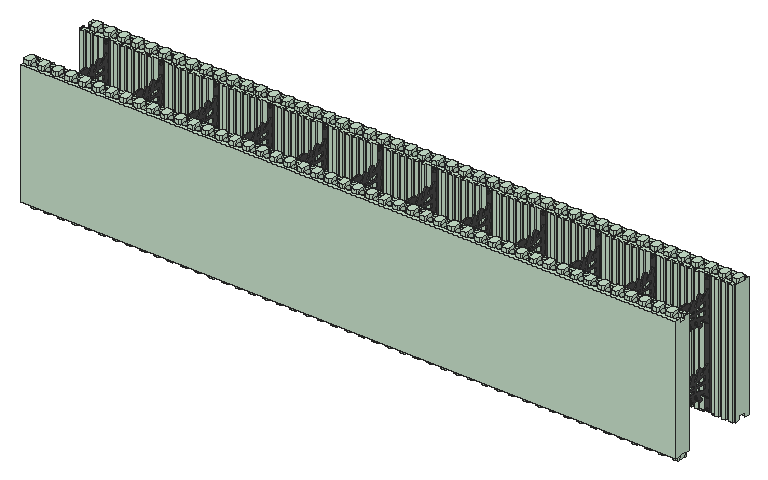
Revit family
Parameters (values of type "8"")
  Core Thickness = 0' - 8"
Reference planes (in)
  plane 1 "Center (Front/Back)": y = -1
  plane 2: z = 0
  plane 3 "Center (Left/Right)": x = 0
  plane 4: x = 96
  plane 5: y = 3
  plane 6: y = -5
  plane 7: y = 5.625
  plane 8: y = -7.625
  plane 9: z = 18
  plane 10: z = 18.5
  plane 11: z = -0.5
Forms (in)
  Extrusion 1, solid, material "NUDURA Expanded Polystyrene Foam Insulation"
    sketch origin (0, 0, 0) x (1, 0, 0) y (0, 1, 0)
      loop
        line (0.28117, 3.25) -> (0.21883, 3) -> (0.78117, 3) -> (0.71883, 3.25) -> (1.28117, 3.25) -> (1.21883, 3) -> (1.78117, 3) -> (1.71883, 3.25) -> (2.28117, 3.25) -> (2.21883, 3) -> (2.78117, 3) -> (2.71883, 3.25) -> (5.28117, 3.25) -> (5.21883, 3) -> (5.78117, 3) -> (5.71883, 3.25) -> (6.28117, 3.25) -> (6.21883, 3) -> (6.78117, 3) -> (6.71883, 3.25) -> (7.28117, 3.25) -> (7.21883, 3) -> (7.78117, 3) -> (7.71883, 3.25) -> (8.28117, 3.25) -> (8.21883, 3) -> (8.78117, 3) -> (8.71883, 3.25) -> (9.28117, 3.25) -> (9.21883, 3) -> (9.78117, 3) -> (9.71883, 3.25) -> (10.28117, 3.25) -> (10.21883, 3) -> (10.78117, 3) -> (10.71883, 3.25) -> (13.28117, 3.25) -> (13.21883, 3) -> (13.78117, 3) -> (13.71883, 3.25) -> (14.28117, 3.25) -> (14.21883, 3) -> (14.78117, 3) -> (14.71883, 3.25) -> (15.28117, 3.25) -> (15.21883, 3) -> (15.78117, 3) -> (15.71883, 3.25) -> (16.28117, 3.25) -> (16.21883, 3) -> (16.78117, 3) -> (16.71883, 3.25) -> (17.28117, 3.25) -> (17.21883, 3) -> (17.78117, 3) -> (17.71883, 3.25) -> (18.28117, 3.25) -> (18.21883, 3) -> (18.78117, 3) -> (18.71883, 3.25) -> (21.28117, 3.25) -> (21.21883, 3) -> (21.78117, 3) -> (21.71883, 3.25) -> (22.28117, 3.25) -> (22.21883, 3) -> (22.78117, 3) -> (22.71883, 3.25) -> (23.28117, 3.25) -> (23.21883, 3) -> (23.78117, 3) -> (23.71883, 3.25) -> (24.28117, 3.25) -> (24.21883, 3) -> (24.78117, 3) -> (24.71883, 3.25) -> (25.28117, 3.25) -> (25.21883, 3) -> (25.78117, 3) -> (25.71883, 3.25) -> (26.28117, 3.25) -> (26.21883, 3) -> (26.78117, 3) -> (26.71883, 3.25) -> (29.28117, 3.25) -> (29.21883, 3) -> (29.78117, 3) -> (29.71883, 3.25) -> (30.28117, 3.25) -> (30.21883, 3) -> (30.78117, 3) -> (30.71883, 3.25) -> (31.28117, 3.25) -> (31.21883, 3) -> (31.78117, 3) -> (31.71883, 3.25) -> (32.28117, 3.25) -> (32.21883, 3) -> (32.78117, 3) -> (32.71883, 3.25) -> (33.28117, 3.25) -> (33.21883, 3) -> (33.78117, 3) -> (33.71883, 3.25) -> (34.28117, 3.25) -> (34.21883, 3) -> (34.78117, 3) -> (34.71883, 3.25) -> (37.28117, 3.25) -> (37.21883, 3) -> (37.78117, 3) -> (37.71883, 3.25) -> (38.28117, 3.25) -> (38.21883, 3) -> (38.78117, 3) -> (38.71883, 3.25) -> (39.28117, 3.25) -> (39.21883, 3) -> (39.78117, 3) -> (39.71883, 3.25) -> (40.28117, 3.25) -> (40.21883, 3) -> (40.78117, 3) -> (40.71883, 3.25) -> (41.28117, 3.25) -> (41.21883, 3) -> (41.78117, 3) -> (41.71883, 3.25) -> (42.28117, 3.25) -> (42.21883, 3) -> (42.78117, 3) -> (42.71883, 3.25) -> (45.28117, 3.25) -> (45.21883, 3) -> (45.78117, 3) -> (45.71883, 3.25) -> (46.28117, 3.25) -> (46.21883, 3) -> (46.78117, 3) -> (46.71883, 3.25) -> (47.28117, 3.25) -> (47.21883, 3) -> (47.78117, 3) -> (47.71883, 3.25) -> (48.28117, 3.25) -> (48.21883, 3) -> (48.78117, 3) -> (48.71883, 3.25) -> (49.28117, 3.25) -> (49.21883, 3) -> (49.78117, 3) -> (49.71883, 3.25) -> (50.28117, 3.25) -> (50.21883, 3) -> (50.78117, 3) -> (50.71883, 3.25) -> (53.28117, 3.25) -> (53.21883, 3) -> (53.78117, 3) -> (53.71883, 3.25) -> (54.28117, 3.25) -> (54.21883, 3) -> (54.78117, 3) -> (54.71883, 3.25) -> (55.28117, 3.25) -> (55.21883, 3) -> (55.78117, 3) -> (55.71883, 3.25) -> (56.28117, 3.25) -> (56.21883, 3) -> (56.78117, 3) -> (56.71883, 3.25) -> (57.28117, 3.25) -> (57.21883, 3) -> (57.78117, 3) -> (57.71883, 3.25) -> (58.28117, 3.25) -> (58.21883, 3) -> (58.78117, 3) -> (58.71883, 3.25) -> (61.28117, 3.25) -> (61.21883, 3) -> (61.78117, 3) -> (61.71883, 3.25) -> (62.28117, 3.25) -> (62.21883, 3) -> (62.78117, 3) -> (62.71883, 3.25) -> (63.28117, 3.25) -> (63.21883, 3) -> (63.78117, 3) -> (63.71883, 3.25) -> (64.28117, 3.25) -> (64.21883, 3) -> (64.78117, 3) -> (64.71883, 3.25) -> (65.28117, 3.25) -> (65.21883, 3) -> (65.78117, 3) -> (65.71883, 3.25) -> (66.28117, 3.25) -> (66.21883, 3) -> (66.78117, 3) -> (66.71883, 3.25) -> (69.28117, 3.25) -> (69.21883, 3) -> (69.78117, 3) -> (69.71883, 3.25) -> (70.28117, 3.25) -> (70.21883, 3) -> (70.78117, 3) -> (70.71883, 3.25) -> (71.28117, 3.25) -> (71.21883, 3) -> (71.78117, 3) -> (71.71883, 3.25) -> (72.28117, 3.25) -> (72.21883, 3) -> (72.78117, 3) -> (72.71883, 3.25) -> (73.28117, 3.25) -> (73.21883, 3) -> (73.78117, 3) -> (73.71883, 3.25) -> (74.28117, 3.25) -> (74.21883, 3) -> (74.78117, 3) -> (74.71883, 3.25) -> (77.28117, 3.25) -> (77.21883, 3) -> (77.78117, 3) -> (77.71883, 3.25) -> (78.28117, 3.25) -> (78.21883, 3) -> (78.78117, 3) -> (78.71883, 3.25) -> (79.28117, 3.25) -> (79.21883, 3) -> (79.78117, 3) -> (79.71883, 3.25) -> (80.28117, 3.25) -> (80.21883, 3) -> (80.78117, 3) -> (80.71883, 3.25) -> (81.28117, 3.25) -> (81.21883, 3) -> (81.78117, 3) -> (81.71883, 3.25) -> (82.28117, 3.25) -> (82.21883, 3) -> (82.78117, 3) -> (82.71883, 3.25) -> (85.28117, 3.25) -> (85.21883, 3) -> (85.78117, 3) -> (85.71883, 3.25) -> (86.28117, 3.25) -> (86.21883, 3) -> (86.78117, 3) -> (86.71883, 3.25) -> (87.28117, 3.25) -> (87.21883, 3) -> (87.78117, 3) -> (87.71883, 3.25) -> (88.28117, 3.25) -> (88.21883, 3) -> (88.78117, 3) -> (88.71883, 3.25) -> (89.28117, 3.25) -> (89.21883, 3) -> (89.78117, 3) -> (89.71883, 3.25) -> (90.28117, 3.25) -> (90.21883, 3) -> (90.78117, 3) -> (90.71883, 3.25) -> (93.28117, 3.25) -> (93.21883, 3) -> (93.78117, 3) -> (93.71883, 3.25) -> (94.28117, 3.25) -> (94.21883, 3) -> (94.78117, 3) -> (94.71883, 3.25) -> (95.28117, 3.25) -> (95.21883, 3) -> (95.78117, 3) -> (95.71883, 3.25) -> (96, 3.25) -> (96, 5.625) -> (0, 5.625) -> (0, 3.25) -> (0.28117, 3.25)
      loop
        line (0.28117, -5.25) -> (0, -5.25) -> (0, -7.625) -> (96, -7.625) -> (96, -5.25) -> (95.71883, -5.25) -> (95.78117, -5) -> (95.21883, -5) -> (95.28117, -5.25) -> (94.71883, -5.25) -> (94.78117, -5) -> (94.21883, -5) -> (94.28117, -5.25) -> (93.71883, -5.25) -> (93.78117, -5) -> (93.21883, -5) -> (93.28117, -5.25) -> (90.71883, -5.25) -> (90.78117, -5) -> (90.21883, -5) -> (90.28117, -5.25) -> (89.71883, -5.25) -> (89.78117, -5) -> (89.21883, -5) -> (89.28117, -5.25) -> (88.71883, -5.25) -> (88.78117, -5) -> (88.21883, -5) -> (88.28117, -5.25) -> (87.71883, -5.25) -> (87.78117, -5) -> (87.21883, -5) -> (87.28117, -5.25) -> (86.71883, -5.25) -> (86.78117, -5) -> (86.21883, -5) -> (86.28117, -5.25) -> (85.71883, -5.25) -> (85.78117, -5) -> (85.21883, -5) -> (85.28117, -5.25) -> (82.71883, -5.25) -> (82.78117, -5) -> (82.21883, -5) -> (82.28117, -5.25) -> (81.71883, -5.25) -> (81.78117, -5) -> (81.21883, -5) -> (81.28117, -5.25) -> (80.71883, -5.25) -> (80.78117, -5) -> (80.21883, -5) -> (80.28117, -5.25) -> (79.71883, -5.25) -> (79.78117, -5) -> (79.21883, -5) -> (79.28117, -5.25) -> (78.71883, -5.25) -> (78.78117, -5) -> (78.21883, -5) -> (78.28117, -5.25) -> (77.71883, -5.25) -> (77.78117, -5) -> (77.21883, -5) -> (77.28117, -5.25) -> (74.71883, -5.25) -> (74.78117, -5) -> (74.21883, -5) -> (74.28117, -5.25) -> (73.71883, -5.25) -> (73.78117, -5) -> (73.21883, -5) -> (73.28117, -5.25) -> (72.71883, -5.25) -> (72.78117, -5) -> (72.21883, -5) -> (72.28117, -5.25) -> (71.71883, -5.25) -> (71.78117, -5) -> (71.21883, -5) -> (71.28117, -5.25) -> (70.71883, -5.25) -> (70.78117, -5) -> (70.21883, -5) -> (70.28117, -5.25) -> (69.71883, -5.25) -> (69.78117, -5) -> (69.21883, -5) -> (69.28117, -5.25) -> (66.71883, -5.25) -> (66.78117, -5) -> (66.21883, -5) -> (66.28117, -5.25) -> (65.71883, -5.25) -> (65.78117, -5) -> (65.21883, -5) -> (65.28117, -5.25) -> (64.71883, -5.25) -> (64.78117, -5) -> (64.21883, -5) -> (64.28117, -5.25) -> (63.71883, -5.25) -> (63.78117, -5) -> (63.21883, -5) -> (63.28117, -5.25) -> (62.71883, -5.25) -> (62.78117, -5) -> (62.21883, -5) -> (62.28117, -5.25) -> (61.71883, -5.25) -> (61.78117, -5) -> (61.21883, -5) -> (61.28117, -5.25) -> (58.71883, -5.25) -> (58.78117, -5) -> (58.21883, -5) -> (58.28117, -5.25) -> (57.71883, -5.25) -> (57.78117, -5) -> (57.21883, -5) -> (57.28117, -5.25) -> (56.71883, -5.25) -> (56.78117, -5) -> (56.21883, -5) -> (56.28117, -5.25) -> (55.71883, -5.25) -> (55.78117, -5) -> (55.21883, -5) -> (55.28117, -5.25) -> (54.71883, -5.25) -> (54.78117, -5) -> (54.21883, -5) -> (54.28117, -5.25) -> (53.71883, -5.25) -> (53.78117, -5) -> (53.21883, -5) -> (53.28117, -5.25) -> (50.71883, -5.25) -> (50.78117, -5) -> (50.21883, -5) -> (50.28117, -5.25) -> (49.71883, -5.25) -> (49.78117, -5) -> (49.21883, -5) -> (49.28117, -5.25) -> (48.71883, -5.25) -> (48.78117, -5) -> (48.21883, -5) -> (48.28117, -5.25) -> (47.71883, -5.25) -> (47.78117, -5) -> (47.21883, -5) -> (47.28117, -5.25) -> (46.71883, -5.25) -> (46.78117, -5) -> (46.21883, -5) -> (46.28117, -5.25) -> (45.71883, -5.25) -> (45.78117, -5) -> (45.21883, -5) -> (45.28117, -5.25) -> (42.71883, -5.25) -> (42.78117, -5) -> (42.21883, -5) -> (42.28117, -5.25) -> (41.71883, -5.25) -> (41.78117, -5) -> (41.21883, -5) -> (41.28117, -5.25) -> (40.71883, -5.25) -> (40.78117, -5) -> (40.21883, -5) -> (40.28117, -5.25) -> (39.71883, -5.25) -> (39.78117, -5) -> (39.21883, -5) -> (39.28117, -5.25) -> (38.71883, -5.25) -> (38.78117, -5) -> (38.21883, -5) -> (38.28117, -5.25) -> (37.71883, -5.25) -> (37.78117, -5) -> (37.21883, -5) -> (37.28117, -5.25) -> (34.71883, -5.25) -> (34.78117, -5) -> (34.21883, -5) -> (34.28117, -5.25) -> (33.71883, -5.25) -> (33.78117, -5) -> (33.21883, -5) -> (33.28117, -5.25) -> (32.71883, -5.25) -> (32.78117, -5) -> (32.21883, -5) -> (32.28117, -5.25) -> (31.71883, -5.25) -> (31.78117, -5) -> (31.21883, -5) -> (31.28117, -5.25) -> (30.71883, -5.25) -> (30.78117, -5) -> (30.21883, -5) -> (30.28117, -5.25) -> (29.71883, -5.25) -> (29.78117, -5) -> (29.21883, -5) -> (29.28117, -5.25) -> (26.71883, -5.25) -> (26.78117, -5) -> (26.21883, -5) -> (26.28117, -5.25) -> (25.71883, -5.25) -> (25.78117, -5) -> (25.21883, -5) -> (25.28117, -5.25) -> (24.71883, -5.25) -> (24.78117, -5) -> (24.21883, -5) -> (24.28117, -5.25) -> (23.71883, -5.25) -> (23.78117, -5) -> (23.21883, -5) -> (23.28117, -5.25) -> (22.71883, -5.25) -> (22.78117, -5) -> (22.21883, -5) -> (22.28117, -5.25) -> (21.71883, -5.25) -> (21.78117, -5) -> (21.21883, -5) -> (21.28117, -5.25) -> (18.71883, -5.25) -> (18.78117, -5) -> (18.21883, -5) -> (18.28117, -5.25) -> (17.71883, -5.25) -> (17.78117, -5) -> (17.21883, -5) -> (17.28117, -5.25) -> (16.71883, -5.25) -> (16.78117, -5) -> (16.21883, -5) -> (16.28117, -5.25) -> (15.71883, -5.25) -> (15.78117, -5) -> (15.21883, -5) -> (15.28117, -5.25) -> (14.71883, -5.25) -> (14.78117, -5) -> (14.21883, -5) -> (14.28117, -5.25) -> (13.71883, -5.25) -> (13.78117, -5) -> (13.21883, -5) -> (13.28117, -5.25) -> (10.71883, -5.25) -> (10.78117, -5) -> (10.21883, -5) -> (10.28117, -5.25) -> (9.71883, -5.25) -> (9.78117, -5) -> (9.21883, -5) -> (9.28117, -5.25) -> (8.71883, -5.25) -> (8.78117, -5) -> (8.21883, -5) -> (8.28117, -5.25) -> (7.71883, -5.25) -> (7.78117, -5) -> (7.21883, -5) -> (7.28117, -5.25) -> (6.71883, -5.25) -> (6.78117, -5) -> (6.21883, -5) -> (6.28117, -5.25) -> (5.71883, -5.25) -> (5.78117, -5) -> (5.21883, -5) -> (5.28117, -5.25) -> (2.71883, -5.25) -> (2.78117, -5) -> (2.21883, -5) -> (2.28117, -5.25) -> (1.71883, -5.25) -> (1.78117, -5) -> (1.21883, -5) -> (1.28117, -5.25) -> (0.71883, -5.25) -> (0.78117, -5) -> (0.21883, -5) -> (0.28117, -5.25)
    from 0 to 18
  Extrusion 2, void
    sketch origin (0, 0, 0) x (1, 0, 0) y (0, 1, 0)
      loop
        arc (1, -6.89808) -> (1.04785, -7.04517) -> (1.17308, -7.13595) r 0.25
        arc (1.17308, -7.13595) -> (1.5, -7.1875) -> (1.82692, -7.13595) r 1.0625
        arc (1.82692, -7.13595) -> (1.95215, -7.04517) -> (2, -6.89808) r 0.25
        line (2, -6.89808) -> (2, -5.97692)
        arc (2, -5.97692) -> (1.98276, -5.88568) -> (1.9334, -5.80702) r 0.25
        arc (1.9334, -5.80702) -> (1.92106, -5.78736) -> (1.91675, -5.76455) r 0.0625
        line (1.91675, -5.76455) -> (1.91675, -5.41845) -> (1.74592, -5.41845) -> (1.74592, -5.64005)
        arc (1.74592, -5.64005) -> (1.72385, -5.68771) -> (1.67323, -5.70172) r 0.0625
        arc (1.67323, -5.70172) -> (1.42092, -5.69045) -> (1.17308, -5.73905) r 1.0625
        arc (1.17308, -5.73905) -> (1.04785, -5.82983) -> (1, -5.97692) r 0.25
        line (1, -5.97692) -> (1, -6.89808)
    from 18 to 17.5
  Extrusion 3, void
    sketch origin (2, 0, 0) x (1, 0, 0) y (0, 1, 0)
      loop
        arc (1, -6.89808) -> (1.04785, -7.04517) -> (1.17308, -7.13595) r 0.25
        arc (1.17308, -7.13595) -> (1.5, -7.1875) -> (1.82692, -7.13595) r 1.0625
        arc (1.82692, -7.13595) -> (1.95215, -7.04517) -> (2, -6.89808) r 0.25
        line (2, -6.89808) -> (2, -5.97692)
        arc (2, -5.97692) -> (1.98276, -5.88568) -> (1.9334, -5.80702) r 0.25
        arc (1.9334, -5.80702) -> (1.92106, -5.78736) -> (1.91675, -5.76455) r 0.0625
        line (1.91675, -5.76455) -> (1.91675, -5.41845) -> (1.74592, -5.41845) -> (1.74592, -5.64005)
        arc (1.74592, -5.64005) -> (1.72385, -5.68771) -> (1.67323, -5.70172) r 0.0625
        arc (1.67323, -5.70172) -> (1.42092, -5.69045) -> (1.17308, -5.73905) r 1.0625
        arc (1.17308, -5.73905) -> (1.04785, -5.82983) -> (1, -5.97692) r 0.25
        line (1, -5.97692) -> (1, -6.89808)
    from 18 to 17.5
  Extrusion 4, void
    sketch origin (4, 0, 0) x (1, 0, 0) y (0, 1, 0)
      loop
        arc (1, -6.89808) -> (1.04785, -7.04517) -> (1.17308, -7.13595) r 0.25
        arc (1.17308, -7.13595) -> (1.5, -7.1875) -> (1.82692, -7.13595) r 1.0625
        arc (1.82692, -7.13595) -> (1.95215, -7.04517) -> (2, -6.89808) r 0.25
        line (2, -6.89808) -> (2, -5.97692)
        arc (2, -5.97692) -> (1.98276, -5.88568) -> (1.9334, -5.80702) r 0.25
        arc (1.9334, -5.80702) -> (1.92106, -5.78736) -> (1.91675, -5.76455) r 0.0625
        line (1.91675, -5.76455) -> (1.91675, -5.41845) -> (1.74592, -5.41845) -> (1.74592, -5.64005)
        arc (1.74592, -5.64005) -> (1.72385, -5.68771) -> (1.67323, -5.70172) r 0.0625
        arc (1.67323, -5.70172) -> (1.42092, -5.69045) -> (1.17308, -5.73905) r 1.0625
        arc (1.17308, -5.73905) -> (1.04785, -5.82983) -> (1, -5.97692) r 0.25
        line (1, -5.97692) -> (1, -6.89808)
    from 18 to 17.5
  Extrusion 5, void
    sketch origin (6, 0, 0) x (1, 0, 0) y (0, 1, 0)
      loop
        arc (1, -6.89808) -> (1.04785, -7.04517) -> (1.17308, -7.13595) r 0.25
        arc (1.17308, -7.13595) -> (1.5, -7.1875) -> (1.82692, -7.13595) r 1.0625
        arc (1.82692, -7.13595) -> (1.95215, -7.04517) -> (2, -6.89808) r 0.25
        line (2, -6.89808) -> (2, -5.97692)
        arc (2, -5.97692) -> (1.98276, -5.88568) -> (1.9334, -5.80702) r 0.25
        arc (1.9334, -5.80702) -> (1.92106, -5.78736) -> (1.91675, -5.76455) r 0.0625
        line (1.91675, -5.76455) -> (1.91675, -5.41845) -> (1.74592, -5.41845) -> (1.74592, -5.64005)
        arc (1.74592, -5.64005) -> (1.72385, -5.68771) -> (1.67323, -5.70172) r 0.0625
        arc (1.67323, -5.70172) -> (1.42092, -5.69045) -> (1.17308, -5.73905) r 1.0625
        arc (1.17308, -5.73905) -> (1.04785, -5.82983) -> (1, -5.97692) r 0.25
        line (1, -5.97692) -> (1, -6.89808)
    from 18 to 17.5
  Extrusion 6, void
    sketch origin (8, 0, 0) x (1, 0, 0) y (0, 1, 0)
      loop
        arc (1, -6.89808) -> (1.04785, -7.04517) -> (1.17308, -7.13595) r 0.25
        arc (1.17308, -7.13595) -> (1.5, -7.1875) -> (1.82692, -7.13595) r 1.0625
        arc (1.82692, -7.13595) -> (1.95215, -7.04517) -> (2, -6.89808) r 0.25
        line (2, -6.89808) -> (2, -5.97692)
        arc (2, -5.97692) -> (1.98276, -5.88568) -> (1.9334, -5.80702) r 0.25
        arc (1.9334, -5.80702) -> (1.92106, -5.78736) -> (1.91675, -5.76455) r 0.0625
        line (1.91675, -5.76455) -> (1.91675, -5.41845) -> (1.74592, -5.41845) -> (1.74592, -5.64005)
        arc (1.74592, -5.64005) -> (1.72385, -5.68771) -> (1.67323, -5.70172) r 0.0625
        arc (1.67323, -5.70172) -> (1.42092, -5.69045) -> (1.17308, -5.73905) r 1.0625
        arc (1.17308, -5.73905) -> (1.04785, -5.82983) -> (1, -5.97692) r 0.25
        line (1, -5.97692) -> (1, -6.89808)
    from 18 to 17.5
  Extrusion 7, void
    sketch origin (10, 0, 0) x (1, 0, 0) y (0, 1, 0)
      loop
        arc (1, -6.89808) -> (1.04785, -7.04517) -> (1.17308, -7.13595) r 0.25
        arc (1.17308, -7.13595) -> (1.5, -7.1875) -> (1.82692, -7.13595) r 1.0625
        arc (1.82692, -7.13595) -> (1.95215, -7.04517) -> (2, -6.89808) r 0.25
        line (2, -6.89808) -> (2, -5.97692)
        arc (2, -5.97692) -> (1.98276, -5.88568) -> (1.9334, -5.80702) r 0.25
        arc (1.9334, -5.80702) -> (1.92106, -5.78736) -> (1.91675, -5.76455) r 0.0625
        line (1.91675, -5.76455) -> (1.91675, -5.41845) -> (1.74592, -5.41845) -> (1.74592, -5.64005)
        arc (1.74592, -5.64005) -> (1.72385, -5.68771) -> (1.67323, -5.70172) r 0.0625
        arc (1.67323, -5.70172) -> (1.42092, -5.69045) -> (1.17308, -5.73905) r 1.0625
        arc (1.17308, -5.73905) -> (1.04785, -5.82983) -> (1, -5.97692) r 0.25
        line (1, -5.97692) -> (1, -6.89808)
    from 18 to 17.5
  Extrusion 8, void
    sketch origin (12, 0, 0) x (1, 0, 0) y (0, 1, 0)
      loop
        arc (1, -6.89808) -> (1.04785, -7.04517) -> (1.17308, -7.13595) r 0.25
        arc (1.17308, -7.13595) -> (1.5, -7.1875) -> (1.82692, -7.13595) r 1.0625
        arc (1.82692, -7.13595) -> (1.95215, -7.04517) -> (2, -6.89808) r 0.25
        line (2, -6.89808) -> (2, -5.97692)
        arc (2, -5.97692) -> (1.98276, -5.88568) -> (1.9334, -5.80702) r 0.25
        arc (1.9334, -5.80702) -> (1.92106, -5.78736) -> (1.91675, -5.76455) r 0.0625
        line (1.91675, -5.76455) -> (1.91675, -5.41845) -> (1.74592, -5.41845) -> (1.74592, -5.64005)
        arc (1.74592, -5.64005) -> (1.72385, -5.68771) -> (1.67323, -5.70172) r 0.0625
        arc (1.67323, -5.70172) -> (1.42092, -5.69045) -> (1.17308, -5.73905) r 1.0625
        arc (1.17308, -5.73905) -> (1.04785, -5.82983) -> (1, -5.97692) r 0.25
        line (1, -5.97692) -> (1, -6.89808)
    from 18 to 17.5
  Extrusion 9, void
    sketch origin (14, 0, 0) x (1, 0, 0) y (0, 1, 0)
      loop
        arc (1, -6.89808) -> (1.04785, -7.04517) -> (1.17308, -7.13595) r 0.25
        arc (1.17308, -7.13595) -> (1.5, -7.1875) -> (1.82692, -7.13595) r 1.0625
        arc (1.82692, -7.13595) -> (1.95215, -7.04517) -> (2, -6.89808) r 0.25
        line (2, -6.89808) -> (2, -5.97692)
        arc (2, -5.97692) -> (1.98276, -5.88568) -> (1.9334, -5.80702) r 0.25
        arc (1.9334, -5.80702) -> (1.92106, -5.78736) -> (1.91675, -5.76455) r 0.0625
        line (1.91675, -5.76455) -> (1.91675, -5.41845) -> (1.74592, -5.41845) -> (1.74592, -5.64005)
        arc (1.74592, -5.64005) -> (1.72385, -5.68771) -> (1.67323, -5.70172) r 0.0625
        arc (1.67323, -5.70172) -> (1.42092, -5.69045) -> (1.17308, -5.73905) r 1.0625
        arc (1.17308, -5.73905) -> (1.04785, -5.82983) -> (1, -5.97692) r 0.25
        line (1, -5.97692) -> (1, -6.89808)
    from 18 to 17.5
  Extrusion 10, void
    sketch origin (16, 0, 0) x (1, 0, 0) y (0, 1, 0)
      loop
        arc (1, -6.89808) -> (1.04785, -7.04517) -> (1.17308, -7.13595) r 0.25
        arc (1.17308, -7.13595) -> (1.5, -7.1875) -> (1.82692, -7.13595) r 1.0625
        arc (1.82692, -7.13595) -> (1.95215, -7.04517) -> (2, -6.89808) r 0.25
        line (2, -6.89808) -> (2, -5.97692)
        arc (2, -5.97692) -> (1.98276, -5.88568) -> (1.9334, -5.80702) r 0.25
        arc (1.9334, -5.80702) -> (1.92106, -5.78736) -> (1.91675, -5.76455) r 0.0625
        line (1.91675, -5.76455) -> (1.91675, -5.41845) -> (1.74592, -5.41845) -> (1.74592, -5.64005)
        arc (1.74592, -5.64005) -> (1.72385, -5.68771) -> (1.67323, -5.70172) r 0.0625
        arc (1.67323, -5.70172) -> (1.42092, -5.69045) -> (1.17308, -5.73905) r 1.0625
        arc (1.17308, -5.73905) -> (1.04785, -5.82983) -> (1, -5.97692) r 0.25
        line (1, -5.97692) -> (1, -6.89808)
    from 18 to 17.5
  Extrusion 11, void
    sketch origin (18, 0, 0) x (1, 0, 0) y (0, 1, 0)
      loop
        arc (1, -6.89808) -> (1.04785, -7.04517) -> (1.17308, -7.13595) r 0.25
        arc (1.17308, -7.13595) -> (1.5, -7.1875) -> (1.82692, -7.13595) r 1.0625
        arc (1.82692, -7.13595) -> (1.95215, -7.04517) -> (2, -6.89808) r 0.25
        line (2, -6.89808) -> (2, -5.97692)
        arc (2, -5.97692) -> (1.98276, -5.88568) -> (1.9334, -5.80702) r 0.25
        arc (1.9334, -5.80702) -> (1.92106, -5.78736) -> (1.91675, -5.76455) r 0.0625
        line (1.91675, -5.76455) -> (1.91675, -5.41845) -> (1.74592, -5.41845) -> (1.74592, -5.64005)
        arc (1.74592, -5.64005) -> (1.72385, -5.68771) -> (1.67323, -5.70172) r 0.0625
        arc (1.67323, -5.70172) -> (1.42092, -5.69045) -> (1.17308, -5.73905) r 1.0625
        arc (1.17308, -5.73905) -> (1.04785, -5.82983) -> (1, -5.97692) r 0.25
        line (1, -5.97692) -> (1, -6.89808)
    from 18 to 17.5
  Extrusion 12, void
    sketch origin (20, 0, 0) x (1, 0, 0) y (0, 1, 0)
      loop
        arc (1, -6.89808) -> (1.04785, -7.04517) -> (1.17308, -7.13595) r 0.25
        arc (1.17308, -7.13595) -> (1.5, -7.1875) -> (1.82692, -7.13595) r 1.0625
        arc (1.82692, -7.13595) -> (1.95215, -7.04517) -> (2, -6.89808) r 0.25
        line (2, -6.89808) -> (2, -5.97692)
        arc (2, -5.97692) -> (1.98276, -5.88568) -> (1.9334, -5.80702) r 0.25
        arc (1.9334, -5.80702) -> (1.92106, -5.78736) -> (1.91675, -5.76455) r 0.0625
        line (1.91675, -5.76455) -> (1.91675, -5.41845) -> (1.74592, -5.41845) -> (1.74592, -5.64005)
        arc (1.74592, -5.64005) -> (1.72385, -5.68771) -> (1.67323, -5.70172) r 0.0625
        arc (1.67323, -5.70172) -> (1.42092, -5.69045) -> (1.17308, -5.73905) r 1.0625
        arc (1.17308, -5.73905) -> (1.04785, -5.82983) -> (1, -5.97692) r 0.25
        line (1, -5.97692) -> (1, -6.89808)
    from 18 to 17.5
  Extrusion 13, void
    sketch origin (22, 0, 0) x (1, 0, 0) y (0, 1, 0)
      loop
        arc (1, -6.89808) -> (1.04785, -7.04517) -> (1.17308, -7.13595) r 0.25
        arc (1.17308, -7.13595) -> (1.5, -7.1875) -> (1.82692, -7.13595) r 1.0625
        arc (1.82692, -7.13595) -> (1.95215, -7.04517) -> (2, -6.89808) r 0.25
        line (2, -6.89808) -> (2, -5.97692)
        arc (2, -5.97692) -> (1.98276, -5.88568) -> (1.9334, -5.80702) r 0.25
        arc (1.9334, -5.80702) -> (1.92106, -5.78736) -> (1.91675, -5.76455) r 0.0625
        line (1.91675, -5.76455) -> (1.91675, -5.41845) -> (1.74592, -5.41845) -> (1.74592, -5.64005)
        arc (1.74592, -5.64005) -> (1.72385, -5.68771) -> (1.67323, -5.70172) r 0.0625
        arc (1.67323, -5.70172) -> (1.42092, -5.69045) -> (1.17308, -5.73905) r 1.0625
        arc (1.17308, -5.73905) -> (1.04785, -5.82983) -> (1, -5.97692) r 0.25
        line (1, -5.97692) -> (1, -6.89808)
    from 18 to 17.5
  Extrusion 14, void
    sketch origin (24, 0, 0) x (1, 0, 0) y (0, 1, 0)
      loop
        arc (1, -6.89808) -> (1.04785, -7.04517) -> (1.17308, -7.13595) r 0.25
        arc (1.17308, -7.13595) -> (1.5, -7.1875) -> (1.82692, -7.13595) r 1.0625
        arc (1.82692, -7.13595) -> (1.95215, -7.04517) -> (2, -6.89808) r 0.25
        line (2, -6.89808) -> (2, -5.97692)
        arc (2, -5.97692) -> (1.98276, -5.88568) -> (1.9334, -5.80702) r 0.25
        arc (1.9334, -5.80702) -> (1.92106, -5.78736) -> (1.91675, -5.76455) r 0.0625
        line (1.91675, -5.76455) -> (1.91675, -5.41845) -> (1.74592, -5.41845) -> (1.74592, -5.64005)
        arc (1.74592, -5.64005) -> (1.72385, -5.68771) -> (1.67323, -5.70172) r 0.0625
        arc (1.67323, -5.70172) -> (1.42092, -5.69045) -> (1.17308, -5.73905) r 1.0625
        arc (1.17308, -5.73905) -> (1.04785, -5.82983) -> (1, -5.97692) r 0.25
        line (1, -5.97692) -> (1, -6.89808)
    from 18 to 17.5
  Extrusion 15, void
    sketch origin (26, 0, 0) x (1, 0, 0) y (0, 1, 0)
      loop
        arc (1, -6.89808) -> (1.04785, -7.04517) -> (1.17308, -7.13595) r 0.25
        arc (1.17308, -7.13595) -> (1.5, -7.1875) -> (1.82692, -7.13595) r 1.0625
        arc (1.82692, -7.13595) -> (1.95215, -7.04517) -> (2, -6.89808) r 0.25
        line (2, -6.89808) -> (2, -5.97692)
        arc (2, -5.97692) -> (1.98276, -5.88568) -> (1.9334, -5.80702) r 0.25
        arc (1.9334, -5.80702) -> (1.92106, -5.78736) -> (1.91675, -5.76455) r 0.0625
        line (1.91675, -5.76455) -> (1.91675, -5.41845) -> (1.74592, -5.41845) -> (1.74592, -5.64005)
        arc (1.74592, -5.64005) -> (1.72385, -5.68771) -> (1.67323, -5.70172) r 0.0625
        arc (1.67323, -5.70172) -> (1.42092, -5.69045) -> (1.17308, -5.73905) r 1.0625
        arc (1.17308, -5.73905) -> (1.04785, -5.82983) -> (1, -5.97692) r 0.25
        line (1, -5.97692) -> (1, -6.89808)
    from 18 to 17.5
  Extrusion 16, void
    sketch origin (28, 0, 0) x (1, 0, 0) y (0, 1, 0)
      loop
        arc (1, -6.89808) -> (1.04785, -7.04517) -> (1.17308, -7.13595) r 0.25
        arc (1.17308, -7.13595) -> (1.5, -7.1875) -> (1.82692, -7.13595) r 1.0625
        arc (1.82692, -7.13595) -> (1.95215, -7.04517) -> (2, -6.89808) r 0.25
        line (2, -6.89808) -> (2, -5.97692)
        arc (2, -5.97692) -> (1.98276, -5.88568) -> (1.9334, -5.80702) r 0.25
        arc (1.9334, -5.80702) -> (1.92106, -5.78736) -> (1.91675, -5.76455) r 0.0625
        line (1.91675, -5.76455) -> (1.91675, -5.41845) -> (1.74592, -5.41845) -> (1.74592, -5.64005)
        arc (1.74592, -5.64005) -> (1.72385, -5.68771) -> (1.67323, -5.70172) r 0.0625
        arc (1.67323, -5.70172) -> (1.42092, -5.69045) -> (1.17308, -5.73905) r 1.0625
        arc (1.17308, -5.73905) -> (1.04785, -5.82983) -> (1, -5.97692) r 0.25
        line (1, -5.97692) -> (1, -6.89808)
    from 18 to 17.5
  Extrusion 17, void
    sketch origin (30, 0, 0) x (1, 0, 0) y (0, 1, 0)
      loop
        arc (1, -6.89808) -> (1.04785, -7.04517) -> (1.17308, -7.13595) r 0.25
        arc (1.17308, -7.13595) -> (1.5, -7.1875) -> (1.82692, -7.13595) r 1.0625
        arc (1.82692, -7.13595) -> (1.95215, -7.04517) -> (2, -6.89808) r 0.25
        line (2, -6.89808) -> (2, -5.97692)
        arc (2, -5.97692) -> (1.98276, -5.88568) -> (1.9334, -5.80702) r 0.25
        arc (1.9334, -5.80702) -> (1.92106, -5.78736) -> (1.91675, -5.76455) r 0.0625
        line (1.91675, -5.76455) -> (1.91675, -5.41845) -> (1.74592, -5.41845) -> (1.74592, -5.64005)
        arc (1.74592, -5.64005) -> (1.72385, -5.68771) -> (1.67323, -5.70172) r 0.0625
        arc (1.67323, -5.70172) -> (1.42092, -5.69045) -> (1.17308, -5.73905) r 1.0625
        arc (1.17308, -5.73905) -> (1.04785, -5.82983) -> (1, -5.97692) r 0.25
        line (1, -5.97692) -> (1, -6.89808)
    from 18 to 17.5
  Extrusion 18, void
    sketch origin (32, 0, 0) x (1, 0, 0) y (0, 1, 0)
      loop
        arc (1, -6.89808) -> (1.04785, -7.04517) -> (1.17308, -7.13595) r 0.25
        arc (1.17308, -7.13595) -> (1.5, -7.1875) -> (1.82692, -7.13595) r 1.0625
        arc (1.82692, -7.13595) -> (1.95215, -7.04517) -> (2, -6.89808) r 0.25
        line (2, -6.89808) -> (2, -5.97692)
        arc (2, -5.97692) -> (1.98276, -5.88568) -> (1.9334, -5.80702) r 0.25
        arc (1.9334, -5.80702) -> (1.92106, -5.78736) -> (1.91675, -5.76455) r 0.0625
        line (1.91675, -5.76455) -> (1.91675, -5.41845) -> (1.74592, -5.41845) -> (1.74592, -5.64005)
        arc (1.74592, -5.64005) -> (1.72385, -5.68771) -> (1.67323, -5.70172) r 0.0625
        arc (1.67323, -5.70172) -> (1.42092, -5.69045) -> (1.17308, -5.73905) r 1.0625
        arc (1.17308, -5.73905) -> (1.04785, -5.82983) -> (1, -5.97692) r 0.25
        line (1, -5.97692) -> (1, -6.89808)
    from 18 to 17.5
  Extrusion 19, void
    sketch origin (34, 0, 0) x (1, 0, 0) y (0, 1, 0)
      loop
        arc (1, -6.89808) -> (1.04785, -7.04517) -> (1.17308, -7.13595) r 0.25
        arc (1.17308, -7.13595) -> (1.5, -7.1875) -> (1.82692, -7.13595) r 1.0625
        arc (1.82692, -7.13595) -> (1.95215, -7.04517) -> (2, -6.89808) r 0.25
        line (2, -6.89808) -> (2, -5.97692)
        arc (2, -5.97692) -> (1.98276, -5.88568) -> (1.9334, -5.80702) r 0.25
        arc (1.9334, -5.80702) -> (1.92106, -5.78736) -> (1.91675, -5.76455) r 0.0625
        line (1.91675, -5.76455) -> (1.91675, -5.41845) -> (1.74592, -5.41845) -> (1.74592, -5.64005)
        arc (1.74592, -5.64005) -> (1.72385, -5.68771) -> (1.67323, -5.70172) r 0.0625
        arc (1.67323, -5.70172) -> (1.42092, -5.69045) -> (1.17308, -5.73905) r 1.0625
        arc (1.17308, -5.73905) -> (1.04785, -5.82983) -> (1, -5.97692) r 0.25
        line (1, -5.97692) -> (1, -6.89808)
    from 18 to 17.5
  Extrusion 20, void
    sketch origin (36, 0, 0) x (1, 0, 0) y (0, 1, 0)
      loop
        arc (1, -6.89808) -> (1.04785, -7.04517) -> (1.17308, -7.13595) r 0.25
        arc (1.17308, -7.13595) -> (1.5, -7.1875) -> (1.82692, -7.13595) r 1.0625
        arc (1.82692, -7.13595) -> (1.95215, -7.04517) -> (2, -6.89808) r 0.25
        line (2, -6.89808) -> (2, -5.97692)
        arc (2, -5.97692) -> (1.98276, -5.88568) -> (1.9334, -5.80702) r 0.25
        arc (1.9334, -5.80702) -> (1.92106, -5.78736) -> (1.91675, -5.76455) r 0.0625
        line (1.91675, -5.76455) -> (1.91675, -5.41845) -> (1.74592, -5.41845) -> (1.74592, -5.64005)
        arc (1.74592, -5.64005) -> (1.72385, -5.68771) -> (1.67323, -5.70172) r 0.0625
        arc (1.67323, -5.70172) -> (1.42092, -5.69045) -> (1.17308, -5.73905) r 1.0625
        arc (1.17308, -5.73905) -> (1.04785, -5.82983) -> (1, -5.97692) r 0.25
        line (1, -5.97692) -> (1, -6.89808)
    from 18 to 17.5
  Extrusion 21, void
    sketch origin (38, 0, 0) x (1, 0, 0) y (0, 1, 0)
      loop
        arc (1, -6.89808) -> (1.04785, -7.04517) -> (1.17308, -7.13595) r 0.25
        arc (1.17308, -7.13595) -> (1.5, -7.1875) -> (1.82692, -7.13595) r 1.0625
        arc (1.82692, -7.13595) -> (1.95215, -7.04517) -> (2, -6.89808) r 0.25
        line (2, -6.89808) -> (2, -5.97692)
        arc (2, -5.97692) -> (1.98276, -5.88568) -> (1.9334, -5.80702) r 0.25
        arc (1.9334, -5.80702) -> (1.92106, -5.78736) -> (1.91675, -5.76455) r 0.0625
        line (1.91675, -5.76455) -> (1.91675, -5.41845) -> (1.74592, -5.41845) -> (1.74592, -5.64005)
        arc (1.74592, -5.64005) -> (1.72385, -5.68771) -> (1.67323, -5.70172) r 0.0625
        arc (1.67323, -5.70172) -> (1.42092, -5.69045) -> (1.17308, -5.73905) r 1.0625
        arc (1.17308, -5.73905) -> (1.04785, -5.82983) -> (1, -5.97692) r 0.25
        line (1, -5.97692) -> (1, -6.89808)
    from 18 to 17.5
  Extrusion 22, void
    sketch origin (40, 0, 0) x (1, 0, 0) y (0, 1, 0)
      loop
        arc (1, -6.89808) -> (1.04785, -7.04517) -> (1.17308, -7.13595) r 0.25
        arc (1.17308, -7.13595) -> (1.5, -7.1875) -> (1.82692, -7.13595) r 1.0625
        arc (1.82692, -7.13595) -> (1.95215, -7.04517) -> (2, -6.89808) r 0.25
        line (2, -6.89808) -> (2, -5.97692)
        arc (2, -5.97692) -> (1.98276, -5.88568) -> (1.9334, -5.80702) r 0.25
        arc (1.9334, -5.80702) -> (1.92106, -5.78736) -> (1.91675, -5.76455) r 0.0625
        line (1.91675, -5.76455) -> (1.91675, -5.41845) -> (1.74592, -5.41845) -> (1.74592, -5.64005)
        arc (1.74592, -5.64005) -> (1.72385, -5.68771) -> (1.67323, -5.70172) r 0.0625
        arc (1.67323, -5.70172) -> (1.42092, -5.69045) -> (1.17308, -5.73905) r 1.0625
        arc (1.17308, -5.73905) -> (1.04785, -5.82983) -> (1, -5.97692) r 0.25
        line (1, -5.97692) -> (1, -6.89808)
    from 18 to 17.5
  Extrusion 23, void
    sketch origin (42, 0, 0) x (1, 0, 0) y (0, 1, 0)
      loop
        arc (1, -6.89808) -> (1.04785, -7.04517) -> (1.17308, -7.13595) r 0.25
        arc (1.17308, -7.13595) -> (1.5, -7.1875) -> (1.82692, -7.13595) r 1.0625
        arc (1.82692, -7.13595) -> (1.95215, -7.04517) -> (2, -6.89808) r 0.25
        line (2, -6.89808) -> (2, -5.97692)
        arc (2, -5.97692) -> (1.98276, -5.88568) -> (1.9334, -5.80702) r 0.25
        arc (1.9334, -5.80702) -> (1.92106, -5.78736) -> (1.91675, -5.76455) r 0.0625
        line (1.91675, -5.76455) -> (1.91675, -5.41845) -> (1.74592, -5.41845) -> (1.74592, -5.64005)
        arc (1.74592, -5.64005) -> (1.72385, -5.68771) -> (1.67323, -5.70172) r 0.0625
        arc (1.67323, -5.70172) -> (1.42092, -5.69045) -> (1.17308, -5.73905) r 1.0625
        arc (1.17308, -5.73905) -> (1.04785, -5.82983) -> (1, -5.97692) r 0.25
        line (1, -5.97692) -> (1, -6.89808)
    from 18 to 17.5
  Extrusion 24, void
    sketch origin (44, 0, 0) x (1, 0, 0) y (0, 1, 0)
      loop
        arc (1, -6.89808) -> (1.04785, -7.04517) -> (1.17308, -7.13595) r 0.25
        arc (1.17308, -7.13595) -> (1.5, -7.1875) -> (1.82692, -7.13595) r 1.0625
        arc (1.82692, -7.13595) -> (1.95215, -7.04517) -> (2, -6.89808) r 0.25
        line (2, -6.89808) -> (2, -5.97692)
        arc (2, -5.97692) -> (1.98276, -5.88568) -> (1.9334, -5.80702) r 0.25
        arc (1.9334, -5.80702) -> (1.92106, -5.78736) -> (1.91675, -5.76455) r 0.0625
        line (1.91675, -5.76455) -> (1.91675, -5.41845) -> (1.74592, -5.41845) -> (1.74592, -5.64005)
        arc (1.74592, -5.64005) -> (1.72385, -5.68771) -> (1.67323, -5.70172) r 0.0625
        arc (1.67323, -5.70172) -> (1.42092, -5.69045) -> (1.17308, -5.73905) r 1.0625
        arc (1.17308, -5.73905) -> (1.04785, -5.82983) -> (1, -5.97692) r 0.25
        line (1, -5.97692) -> (1, -6.89808)
    from 18 to 17.5
  Extrusion 25, void
    sketch origin (46, 0, 0) x (1, 0, 0) y (0, 1, 0)
      loop
        arc (1, -6.89808) -> (1.04785, -7.04517) -> (1.17308, -7.13595) r 0.25
        arc (1.17308, -7.13595) -> (1.5, -7.1875) -> (1.82692, -7.13595) r 1.0625
        arc (1.82692, -7.13595) -> (1.95215, -7.04517) -> (2, -6.89808) r 0.25
        line (2, -6.89808) -> (2, -5.97692)
        arc (2, -5.97692) -> (1.98276, -5.88568) -> (1.9334, -5.80702) r 0.25
        arc (1.9334, -5.80702) -> (1.92106, -5.78736) -> (1.91675, -5.76455) r 0.0625
        line (1.91675, -5.76455) -> (1.91675, -5.41845) -> (1.74592, -5.41845) -> (1.74592, -5.64005)
        arc (1.74592, -5.64005) -> (1.72385, -5.68771) -> (1.67323, -5.70172) r 0.0625
        arc (1.67323, -5.70172) -> (1.42092, -5.69045) -> (1.17308, -5.73905) r 1.0625
        arc (1.17308, -5.73905) -> (1.04785, -5.82983) -> (1, -5.97692) r 0.25
        line (1, -5.97692) -> (1, -6.89808)
    from 18 to 17.5
  Extrusion 26, void
    sketch origin (48, 0, 0) x (1, 0, 0) y (0, 1, 0)
      loop
        arc (1, -6.89808) -> (1.04785, -7.04517) -> (1.17308, -7.13595) r 0.25
        arc (1.17308, -7.13595) -> (1.5, -7.1875) -> (1.82692, -7.13595) r 1.0625
        arc (1.82692, -7.13595) -> (1.95215, -7.04517) -> (2, -6.89808) r 0.25
        line (2, -6.89808) -> (2, -5.97692)
        arc (2, -5.97692) -> (1.98276, -5.88568) -> (1.9334, -5.80702) r 0.25
        arc (1.9334, -5.80702) -> (1.92106, -5.78736) -> (1.91675, -5.76455) r 0.0625
        line (1.91675, -5.76455) -> (1.91675, -5.41845) -> (1.74592, -5.41845) -> (1.74592, -5.64005)
        arc (1.74592, -5.64005) -> (1.72385, -5.68771) -> (1.67323, -5.70172) r 0.0625
        arc (1.67323, -5.70172) -> (1.42092, -5.69045) -> (1.17308, -5.73905) r 1.0625
        arc (1.17308, -5.73905) -> (1.04785, -5.82983) -> (1, -5.97692) r 0.25
        line (1, -5.97692) -> (1, -6.89808)
    from 18 to 17.5
  Extrusion 27, void
    sketch origin (50, 0, 0) x (1, 0, 0) y (0, 1, 0)
      loop
        arc (1, -6.89808) -> (1.04785, -7.04517) -> (1.17308, -7.13595) r 0.25
        arc (1.17308, -7.13595) -> (1.5, -7.1875) -> (1.82692, -7.13595) r 1.0625
        arc (1.82692, -7.13595) -> (1.95215, -7.04517) -> (2, -6.89808) r 0.25
        line (2, -6.89808) -> (2, -5.97692)
        arc (2, -5.97692) -> (1.98276, -5.88568) -> (1.9334, -5.80702) r 0.25
        arc (1.9334, -5.80702) -> (1.92106, -5.78736) -> (1.91675, -5.76455) r 0.0625
        line (1.91675, -5.76455) -> (1.91675, -5.41845) -> (1.74592, -5.41845) -> (1.74592, -5.64005)
        arc (1.74592, -5.64005) -> (1.72385, -5.68771) -> (1.67323, -5.70172) r 0.0625
        arc (1.67323, -5.70172) -> (1.42092, -5.69045) -> (1.17308, -5.73905) r 1.0625
        arc (1.17308, -5.73905) -> (1.04785, -5.82983) -> (1, -5.97692) r 0.25
        line (1, -5.97692) -> (1, -6.89808)
    from 18 to 17.5
  Extrusion 28, void
    sketch origin (52, 0, 0) x (1, 0, 0) y (0, 1, 0)
      loop
        arc (1, -6.89808) -> (1.04785, -7.04517) -> (1.17308, -7.13595) r 0.25
        arc (1.17308, -7.13595) -> (1.5, -7.1875) -> (1.82692, -7.13595) r 1.0625
        arc (1.82692, -7.13595) -> (1.95215, -7.04517) -> (2, -6.89808) r 0.25
        line (2, -6.89808) -> (2, -5.97692)
        arc (2, -5.97692) -> (1.98276, -5.88568) -> (1.9334, -5.80702) r 0.25
        arc (1.9334, -5.80702) -> (1.92106, -5.78736) -> (1.91675, -5.76455) r 0.0625
        line (1.91675, -5.76455) -> (1.91675, -5.41845) -> (1.74592, -5.41845) -> (1.74592, -5.64005)
        arc (1.74592, -5.64005) -> (1.72385, -5.68771) -> (1.67323, -5.70172) r 0.0625
        arc (1.67323, -5.70172) -> (1.42092, -5.69045) -> (1.17308, -5.73905) r 1.0625
        arc (1.17308, -5.73905) -> (1.04785, -5.82983) -> (1, -5.97692) r 0.25
        line (1, -5.97692) -> (1, -6.89808)
    from 18 to 17.5
  Extrusion 29, void
    sketch origin (54, 0, 0) x (1, 0, 0) y (0, 1, 0)
      loop
        arc (1, -6.89808) -> (1.04785, -7.04517) -> (1.17308, -7.13595) r 0.25
        arc (1.17308, -7.13595) -> (1.5, -7.1875) -> (1.82692, -7.13595) r 1.0625
        arc (1.82692, -7.13595) -> (1.95215, -7.04517) -> (2, -6.89808) r 0.25
        line (2, -6.89808) -> (2, -5.97692)
        arc (2, -5.97692) -> (1.98276, -5.88568) -> (1.9334, -5.80702) r 0.25
        arc (1.9334, -5.80702) -> (1.92106, -5.78736) -> (1.91675, -5.76455) r 0.0625
        line (1.91675, -5.76455) -> (1.91675, -5.41845) -> (1.74592, -5.41845) -> (1.74592, -5.64005)
        arc (1.74592, -5.64005) -> (1.72385, -5.68771) -> (1.67323, -5.70172) r 0.0625
        arc (1.67323, -5.70172) -> (1.42092, -5.69045) -> (1.17308, -5.73905) r 1.0625
        arc (1.17308, -5.73905) -> (1.04785, -5.82983) -> (1, -5.97692) r 0.25
        line (1, -5.97692) -> (1, -6.89808)
    from 18 to 17.5
  Extrusion 30, void
    sketch origin (56, 0, 0) x (1, 0, 0) y (0, 1, 0)
      loop
        arc (1, -6.89808) -> (1.04785, -7.04517) -> (1.17308, -7.13595) r 0.25
        arc (1.17308, -7.13595) -> (1.5, -7.1875) -> (1.82692, -7.13595) r 1.0625
        arc (1.82692, -7.13595) -> (1.95215, -7.04517) -> (2, -6.89808) r 0.25
        line (2, -6.89808) -> (2, -5.97692)
        arc (2, -5.97692) -> (1.98276, -5.88568) -> (1.9334, -5.80702) r 0.25
        arc (1.9334, -5.80702) -> (1.92106, -5.78736) -> (1.91675, -5.76455) r 0.0625
        line (1.91675, -5.76455) -> (1.91675, -5.41845) -> (1.74592, -5.41845) -> (1.74592, -5.64005)
        arc (1.74592, -5.64005) -> (1.72385, -5.68771) -> (1.67323, -5.70172) r 0.0625
        arc (1.67323, -5.70172) -> (1.42092, -5.69045) -> (1.17308, -5.73905) r 1.0625
        arc (1.17308, -5.73905) -> (1.04785, -5.82983) -> (1, -5.97692) r 0.25
        line (1, -5.97692) -> (1, -6.89808)
    from 18 to 17.5
  Extrusion 31, void
    sketch origin (58, 0, 0) x (1, 0, 0) y (0, 1, 0)
      loop
        arc (1, -6.89808) -> (1.04785, -7.04517) -> (1.17308, -7.13595) r 0.25
        arc (1.17308, -7.13595) -> (1.5, -7.1875) -> (1.82692, -7.13595) r 1.0625
        arc (1.82692, -7.13595) -> (1.95215, -7.04517) -> (2, -6.89808) r 0.25
        line (2, -6.89808) -> (2, -5.97692)
        arc (2, -5.97692) -> (1.98276, -5.88568) -> (1.9334, -5.80702) r 0.25
        arc (1.9334, -5.80702) -> (1.92106, -5.78736) -> (1.91675, -5.76455) r 0.0625
        line (1.91675, -5.76455) -> (1.91675, -5.41845) -> (1.74592, -5.41845) -> (1.74592, -5.64005)
        arc (1.74592, -5.64005) -> (1.72385, -5.68771) -> (1.67323, -5.70172) r 0.0625
        arc (1.67323, -5.70172) -> (1.42092, -5.69045) -> (1.17308, -5.73905) r 1.0625
        arc (1.17308, -5.73905) -> (1.04785, -5.82983) -> (1, -5.97692) r 0.25
        line (1, -5.97692) -> (1, -6.89808)
    from 18 to 17.5
  Extrusion 32, void
    sketch origin (60, 0, 0) x (1, 0, 0) y (0, 1, 0)
      loop
        arc (1, -6.89808) -> (1.04785, -7.04517) -> (1.17308, -7.13595) r 0.25
        arc (1.17308, -7.13595) -> (1.5, -7.1875) -> (1.82692, -7.13595) r 1.0625
        arc (1.82692, -7.13595) -> (1.95215, -7.04517) -> (2, -6.89808) r 0.25
        line (2, -6.89808) -> (2, -5.97692)
        arc (2, -5.97692) -> (1.98276, -5.88568) -> (1.9334, -5.80702) r 0.25
        arc (1.9334, -5.80702) -> (1.92106, -5.78736) -> (1.91675, -5.76455) r 0.0625
        line (1.91675, -5.76455) -> (1.91675, -5.41845) -> (1.74592, -5.41845) -> (1.74592, -5.64005)
        arc (1.74592, -5.64005) -> (1.72385, -5.68771) -> (1.67323, -5.70172) r 0.0625
        arc (1.67323, -5.70172) -> (1.42092, -5.69045) -> (1.17308, -5.73905) r 1.0625
        arc (1.17308, -5.73905) -> (1.04785, -5.82983) -> (1, -5.97692) r 0.25
        line (1, -5.97692) -> (1, -6.89808)
    from 18 to 17.5
  Extrusion 33, void
    sketch origin (62, 0, 0) x (1, 0, 0) y (0, 1, 0)
      loop
        arc (1, -6.89808) -> (1.04785, -7.04517) -> (1.17308, -7.13595) r 0.25
        arc (1.17308, -7.13595) -> (1.5, -7.1875) -> (1.82692, -7.13595) r 1.0625
        arc (1.82692, -7.13595) -> (1.95215, -7.04517) -> (2, -6.89808) r 0.25
        line (2, -6.89808) -> (2, -5.97692)
        arc (2, -5.97692) -> (1.98276, -5.88568) -> (1.9334, -5.80702) r 0.25
        arc (1.9334, -5.80702) -> (1.92106, -5.78736) -> (1.91675, -5.76455) r 0.0625
        line (1.91675, -5.76455) -> (1.91675, -5.41845) -> (1.74592, -5.41845) -> (1.74592, -5.64005)
        arc (1.74592, -5.64005) -> (1.72385, -5.68771) -> (1.67323, -5.70172) r 0.0625
        arc (1.67323, -5.70172) -> (1.42092, -5.69045) -> (1.17308, -5.73905) r 1.0625
        arc (1.17308, -5.73905) -> (1.04785, -5.82983) -> (1, -5.97692) r 0.25
        line (1, -5.97692) -> (1, -6.89808)
    from 18 to 17.5
  Extrusion 34, void
    sketch origin (64, 0, 0) x (1, 0, 0) y (0, 1, 0)
      loop
        arc (1, -6.89808) -> (1.04785, -7.04517) -> (1.17308, -7.13595) r 0.25
        arc (1.17308, -7.13595) -> (1.5, -7.1875) -> (1.82692, -7.13595) r 1.0625
        arc (1.82692, -7.13595) -> (1.95215, -7.04517) -> (2, -6.89808) r 0.25
        line (2, -6.89808) -> (2, -5.97692)
        arc (2, -5.97692) -> (1.98276, -5.88568) -> (1.9334, -5.80702) r 0.25
        arc (1.9334, -5.80702) -> (1.92106, -5.78736) -> (1.91675, -5.76455) r 0.0625
        line (1.91675, -5.76455) -> (1.91675, -5.41845) -> (1.74592, -5.41845) -> (1.74592, -5.64005)
        arc (1.74592, -5.64005) -> (1.72385, -5.68771) -> (1.67323, -5.70172) r 0.0625
        arc (1.67323, -5.70172) -> (1.42092, -5.69045) -> (1.17308, -5.73905) r 1.0625
        arc (1.17308, -5.73905) -> (1.04785, -5.82983) -> (1, -5.97692) r 0.25
        line (1, -5.97692) -> (1, -6.89808)
    from 18 to 17.5
  Extrusion 35, void
    sketch origin (66, 0, 0) x (1, 0, 0) y (0, 1, 0)
      loop
        arc (1, -6.89808) -> (1.04785, -7.04517) -> (1.17308, -7.13595) r 0.25
        arc (1.17308, -7.13595) -> (1.5, -7.1875) -> (1.82692, -7.13595) r 1.0625
        arc (1.82692, -7.13595) -> (1.95215, -7.04517) -> (2, -6.89808) r 0.25
        line (2, -6.89808) -> (2, -5.97692)
        arc (2, -5.97692) -> (1.98276, -5.88568) -> (1.9334, -5.80702) r 0.25
        arc (1.9334, -5.80702) -> (1.92106, -5.78736) -> (1.91675, -5.76455) r 0.0625
        line (1.91675, -5.76455) -> (1.91675, -5.41845) -> (1.74592, -5.41845) -> (1.74592, -5.64005)
        arc (1.74592, -5.64005) -> (1.72385, -5.68771) -> (1.67323, -5.70172) r 0.0625
        arc (1.67323, -5.70172) -> (1.42092, -5.69045) -> (1.17308, -5.73905) r 1.0625
        arc (1.17308, -5.73905) -> (1.04785, -5.82983) -> (1, -5.97692) r 0.25
        line (1, -5.97692) -> (1, -6.89808)
    from 18 to 17.5
  Extrusion 36, void
    sketch origin (68, 0, 0) x (1, 0, 0) y (0, 1, 0)
      loop
        arc (1, -6.89808) -> (1.04785, -7.04517) -> (1.17308, -7.13595) r 0.25
        arc (1.17308, -7.13595) -> (1.5, -7.1875) -> (1.82692, -7.13595) r 1.0625
        arc (1.82692, -7.13595) -> (1.95215, -7.04517) -> (2, -6.89808) r 0.25
        line (2, -6.89808) -> (2, -5.97692)
        arc (2, -5.97692) -> (1.98276, -5.88568) -> (1.9334, -5.80702) r 0.25
        arc (1.9334, -5.80702) -> (1.92106, -5.78736) -> (1.91675, -5.76455) r 0.0625
        line (1.91675, -5.76455) -> (1.91675, -5.41845) -> (1.74592, -5.41845) -> (1.74592, -5.64005)
        arc (1.74592, -5.64005) -> (1.72385, -5.68771) -> (1.67323, -5.70172) r 0.0625
        arc (1.67323, -5.70172) -> (1.42092, -5.69045) -> (1.17308, -5.73905) r 1.0625
        arc (1.17308, -5.73905) -> (1.04785, -5.82983) -> (1, -5.97692) r 0.25
        line (1, -5.97692) -> (1, -6.89808)
    from 18 to 17.5
  Extrusion 37, void
    sketch origin (70, 0, 0) x (1, 0, 0) y (0, 1, 0)
      loop
        arc (1, -6.89808) -> (1.04785, -7.04517) -> (1.17308, -7.13595) r 0.25
        arc (1.17308, -7.13595) -> (1.5, -7.1875) -> (1.82692, -7.13595) r 1.0625
        arc (1.82692, -7.13595) -> (1.95215, -7.04517) -> (2, -6.89808) r 0.25
        line (2, -6.89808) -> (2, -5.97692)
        arc (2, -5.97692) -> (1.98276, -5.88568) -> (1.9334, -5.80702) r 0.25
        arc (1.9334, -5.80702) -> (1.92106, -5.78736) -> (1.91675, -5.76455) r 0.0625
        line (1.91675, -5.76455) -> (1.91675, -5.41845) -> (1.74592, -5.41845) -> (1.74592, -5.64005)
        arc (1.74592, -5.64005) -> (1.72385, -5.68771) -> (1.67323, -5.70172) r 0.0625
        arc (1.67323, -5.70172) -> (1.42092, -5.69045) -> (1.17308, -5.73905) r 1.0625
        arc (1.17308, -5.73905) -> (1.04785, -5.82983) -> (1, -5.97692) r 0.25
        line (1, -5.97692) -> (1, -6.89808)
    from 18 to 17.5
  Extrusion 38, void
    sketch origin (72, 0, 0) x (1, 0, 0) y (0, 1, 0)
      loop
        arc (1, -6.89808) -> (1.04785, -7.04517) -> (1.17308, -7.13595) r 0.25
        arc (1.17308, -7.13595) -> (1.5, -7.1875) -> (1.82692, -7.13595) r 1.0625
        arc (1.82692, -7.13595) -> (1.95215, -7.04517) -> (2, -6.89808) r 0.25
        line (2, -6.89808) -> (2, -5.97692)
        arc (2, -5.97692) -> (1.98276, -5.88568) -> (1.9334, -5.80702) r 0.25
        arc (1.9334, -5.80702) -> (1.92106, -5.78736) -> (1.91675, -5.76455) r 0.0625
        line (1.91675, -5.76455) -> (1.91675, -5.41845) -> (1.74592, -5.41845) -> (1.74592, -5.64005)
        arc (1.74592, -5.64005) -> (1.72385, -5.68771) -> (1.67323, -5.70172) r 0.0625
        arc (1.67323, -5.70172) -> (1.42092, -5.69045) -> (1.17308, -5.73905) r 1.0625
        arc (1.17308, -5.73905) -> (1.04785, -5.82983) -> (1, -5.97692) r 0.25
        line (1, -5.97692) -> (1, -6.89808)
    from 18 to 17.5
  Extrusion 39, void
    sketch origin (74, 0, 0) x (1, 0, 0) y (0, 1, 0)
      loop
        arc (1, -6.89808) -> (1.04785, -7.04517) -> (1.17308, -7.13595) r 0.25
        arc (1.17308, -7.13595) -> (1.5, -7.1875) -> (1.82692, -7.13595) r 1.0625
        arc (1.82692, -7.13595) -> (1.95215, -7.04517) -> (2, -6.89808) r 0.25
        line (2, -6.89808) -> (2, -5.97692)
        arc (2, -5.97692) -> (1.98276, -5.88568) -> (1.9334, -5.80702) r 0.25
        arc (1.9334, -5.80702) -> (1.92106, -5.78736) -> (1.91675, -5.76455) r 0.0625
        line (1.91675, -5.76455) -> (1.91675, -5.41845) -> (1.74592, -5.41845) -> (1.74592, -5.64005)
        arc (1.74592, -5.64005) -> (1.72385, -5.68771) -> (1.67323, -5.70172) r 0.0625
        arc (1.67323, -5.70172) -> (1.42092, -5.69045) -> (1.17308, -5.73905) r 1.0625
        arc (1.17308, -5.73905) -> (1.04785, -5.82983) -> (1, -5.97692) r 0.25
        line (1, -5.97692) -> (1, -6.89808)
    from 18 to 17.5
  Extrusion 40, void
    sketch origin (76, 0, 0) x (1, 0, 0) y (0, 1, 0)
      loop
        arc (1, -6.89808) -> (1.04785, -7.04517) -> (1.17308, -7.13595) r 0.25
        arc (1.17308, -7.13595) -> (1.5, -7.1875) -> (1.82692, -7.13595) r 1.0625
        arc (1.82692, -7.13595) -> (1.95215, -7.04517) -> (2, -6.89808) r 0.25
        line (2, -6.89808) -> (2, -5.97692)
        arc (2, -5.97692) -> (1.98276, -5.88568) -> (1.9334, -5.80702) r 0.25
        arc (1.9334, -5.80702) -> (1.92106, -5.78736) -> (1.91675, -5.76455) r 0.0625
        line (1.91675, -5.76455) -> (1.91675, -5.41845) -> (1.74592, -5.41845) -> (1.74592, -5.64005)
        arc (1.74592, -5.64005) -> (1.72385, -5.68771) -> (1.67323, -5.70172) r 0.0625
        arc (1.67323, -5.70172) -> (1.42092, -5.69045) -> (1.17308, -5.73905) r 1.0625
        arc (1.17308, -5.73905) -> (1.04785, -5.82983) -> (1, -5.97692) r 0.25
        line (1, -5.97692) -> (1, -6.89808)
    from 18 to 17.5
  Extrusion 41, void
    sketch origin (78, 0, 0) x (1, 0, 0) y (0, 1, 0)
      loop
        arc (1, -6.89808) -> (1.04785, -7.04517) -> (1.17308, -7.13595) r 0.25
        arc (1.17308, -7.13595) -> (1.5, -7.1875) -> (1.82692, -7.13595) r 1.0625
        arc (1.82692, -7.13595) -> (1.95215, -7.04517) -> (2, -6.89808) r 0.25
        line (2, -6.89808) -> (2, -5.97692)
        arc (2, -5.97692) -> (1.98276, -5.88568) -> (1.9334, -5.80702) r 0.25
        arc (1.9334, -5.80702) -> (1.92106, -5.78736) -> (1.91675, -5.76455) r 0.0625
        line (1.91675, -5.76455) -> (1.91675, -5.41845) -> (1.74592, -5.41845) -> (1.74592, -5.64005)
        arc (1.74592, -5.64005) -> (1.72385, -5.68771) -> (1.67323, -5.70172) r 0.0625
        arc (1.67323, -5.70172) -> (1.42092, -5.69045) -> (1.17308, -5.73905) r 1.0625
        arc (1.17308, -5.73905) -> (1.04785, -5.82983) -> (1, -5.97692) r 0.25
        line (1, -5.97692) -> (1, -6.89808)
    from 18 to 17.5
  Extrusion 42, void
    sketch origin (80, 0, 0) x (1, 0, 0) y (0, 1, 0)
      loop
        arc (1, -6.89808) -> (1.04785, -7.04517) -> (1.17308, -7.13595) r 0.25
        arc (1.17308, -7.13595) -> (1.5, -7.1875) -> (1.82692, -7.13595) r 1.0625
        arc (1.82692, -7.13595) -> (1.95215, -7.04517) -> (2, -6.89808) r 0.25
        line (2, -6.89808) -> (2, -5.97692)
        arc (2, -5.97692) -> (1.98276, -5.88568) -> (1.9334, -5.80702) r 0.25
        arc (1.9334, -5.80702) -> (1.92106, -5.78736) -> (1.91675, -5.76455) r 0.0625
        line (1.91675, -5.76455) -> (1.91675, -5.41845) -> (1.74592, -5.41845) -> (1.74592, -5.64005)
        arc (1.74592, -5.64005) -> (1.72385, -5.68771) -> (1.67323, -5.70172) r 0.0625
        arc (1.67323, -5.70172) -> (1.42092, -5.69045) -> (1.17308, -5.73905) r 1.0625
        arc (1.17308, -5.73905) -> (1.04785, -5.82983) -> (1, -5.97692) r 0.25
        line (1, -5.97692) -> (1, -6.89808)
    from 18 to 17.5
  Extrusion 43, void
    sketch origin (82, 0, 0) x (1, 0, 0) y (0, 1, 0)
      loop
        arc (1, -6.89808) -> (1.04785, -7.04517) -> (1.17308, -7.13595) r 0.25
        arc (1.17308, -7.13595) -> (1.5, -7.1875) -> (1.82692, -7.13595) r 1.0625
        arc (1.82692, -7.13595) -> (1.95215, -7.04517) -> (2, -6.89808) r 0.25
        line (2, -6.89808) -> (2, -5.97692)
        arc (2, -5.97692) -> (1.98276, -5.88568) -> (1.9334, -5.80702) r 0.25
        arc (1.9334, -5.80702) -> (1.92106, -5.78736) -> (1.91675, -5.76455) r 0.0625
        line (1.91675, -5.76455) -> (1.91675, -5.41845) -> (1.74592, -5.41845) -> (1.74592, -5.64005)
        arc (1.74592, -5.64005) -> (1.72385, -5.68771) -> (1.67323, -5.70172) r 0.0625
        arc (1.67323, -5.70172) -> (1.42092, -5.69045) -> (1.17308, -5.73905) r 1.0625
        arc (1.17308, -5.73905) -> (1.04785, -5.82983) -> (1, -5.97692) r 0.25
        line (1, -5.97692) -> (1, -6.89808)
    from 18 to 17.5
  Extrusion 44, void
    sketch origin (84, 0, 0) x (1, 0, 0) y (0, 1, 0)
      loop
        arc (1, -6.89808) -> (1.04785, -7.04517) -> (1.17308, -7.13595) r 0.25
        arc (1.17308, -7.13595) -> (1.5, -7.1875) -> (1.82692, -7.13595) r 1.0625
        arc (1.82692, -7.13595) -> (1.95215, -7.04517) -> (2, -6.89808) r 0.25
        line (2, -6.89808) -> (2, -5.97692)
        arc (2, -5.97692) -> (1.98276, -5.88568) -> (1.9334, -5.80702) r 0.25
        arc (1.9334, -5.80702) -> (1.92106, -5.78736) -> (1.91675, -5.76455) r 0.0625
        line (1.91675, -5.76455) -> (1.91675, -5.41845) -> (1.74592, -5.41845) -> (1.74592, -5.64005)
        arc (1.74592, -5.64005) -> (1.72385, -5.68771) -> (1.67323, -5.70172) r 0.0625
        arc (1.67323, -5.70172) -> (1.42092, -5.69045) -> (1.17308, -5.73905) r 1.0625
